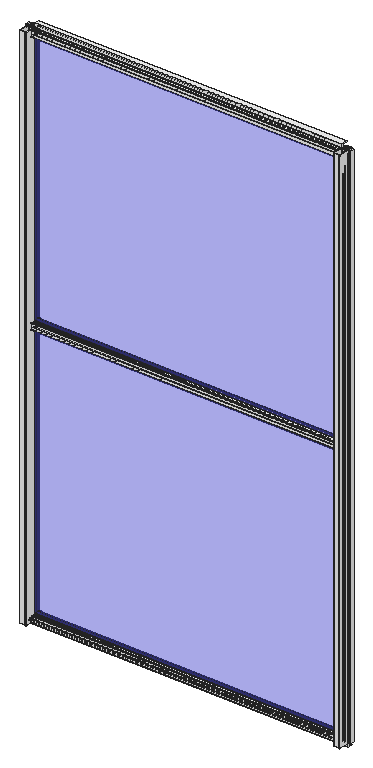
Revit family "Facade_60_Curtain_Wall_S12_Standard", category Windows, host Wall, Revit 2014 (continued)
Definition of nested family "F60 Horizontal Profile Middle_S12_Std"
  Forms (mm)
    Extrusion 5, solid, material <- "Thermal Break Material", visible <- "Single Glazing"
      sketch origin (0, 0, 0) x (0, 1, 0) y (0, 0, 1)
        loop
          line (-59.794, 28.506) -> (-59.006, 29.294)
          arc (-59.006, 29.294) -> (-58.788, 29.618) -> (-58.713, 30.001) r 0.986
          arc (-58.713, 30.001) -> (-58.79, 30.384) -> (-59.008, 30.71) r 1.007
          line (-59.008, 30.71) -> (-59.794, 31.496) -> (-60.65, 31.496)
          arc (-60.65, 31.496) -> (-61.004, 31.349) -> (-61.15, 30.996) r 0.5
          line (-61.15, 30.996) -> (-61.15, 29.006)
          arc (-61.15, 29.006) -> (-61.004, 28.652) -> (-60.65, 28.506) r 0.5
          line (-60.65, 28.506) -> (-59.794, 28.506)
        loop
          line (-47.854, 30.898) -> (-49.415, 31.653) -> (-56.782, 31.653)
          arc (-56.782, 31.653) -> (-57.207, 31.417) -> (-57.23, 30.932) r 0.5
          arc (-57.23, 30.932) -> (-57.013, 30.001) -> (-57.23, 29.07) r 2.099
          arc (-57.23, 29.07) -> (-57.207, 28.584) -> (-56.782, 28.348) r 0.5
          line (-56.782, 28.348) -> (-49.415, 28.348) -> (-48.055, 29.007)
          arc (-48.055, 29.007) -> (-47.35, 29.888) -> (-47.854, 30.898) r 1.047
      from 0 to 250 <- "Length"
    Extrusion 6, solid, material <- "Profile Material", visible <- "Single Glazing"
      sketch origin (0, 0, 0) x (0, 1, 0) y (0, 0, 1)
        loop
          line (-63.8, 52.694) -> (-64.8, 52.694) -> (-64.8, 51.544) -> (-66.05, 51.544) -> (-66.05, 57.044) -> (-64.8, 57.044) -> (-64.8, 55.894) -> (-63.8, 55.894) -> (-63.8, 58.294)
          arc (-63.8, 58.294) -> (-64.082, 58.803) -> (-64.664, 58.835) r 0.6
          line (-64.664, 58.835) -> (-66.562, 57.91) -> (-67.088, 58.988) -> (-68.05, 58.519) -> (-68.05, 48.513)
          arc (-68.05, 48.513) -> (-67.874, 48.089) -> (-67.45, 47.913) r 0.6
          line (-67.45, 47.913) -> (-66.6, 47.913) -> (-66.6, 12.09) -> (-67.45, 12.09)
          arc (-67.45, 12.09) -> (-67.874, 11.914) -> (-68.05, 11.49) r 0.6
          line (-68.05, 11.49) -> (-68.05, 1.485) -> (-67.088, 1.016) -> (-66.562, 2.095) -> (-64.663, 1.169)
          arc (-64.663, 1.169) -> (-64.082, 1.2) -> (-63.8, 1.709) r 0.6
          line (-63.8, 1.709) -> (-63.8, 4.109) -> (-64.8, 4.109) -> (-64.8, 2.959) -> (-66.05, 2.959) -> (-66.05, 8.459) -> (-64.8, 8.459) -> (-64.8, 7.309) -> (-63.8, 7.309) -> (-63.8, 27.674) -> (-62.4, 28.483) -> (-62.4, 31.521) -> (-63.8, 32.329) -> (-63.8, 52.694)
      from 0 to 250 <- "Length"
    Extrusion 7, solid, material <- "Profile Material", visible <- "Single Glazing"
      sketch origin (0, 0, 0) x (0, 1, 0) y (0, 0, 1)
        loop
          line (-68.551, 3.3) -> (-76.559, 3.3) -> (-76.559, 30) -> (-76.559, 56.15)
          arc (-76.559, 56.15) -> (-75.739, 58.13) -> (-73.759, 58.95) r 2.8
          line (-73.759, 58.95) -> (-69.151, 58.95) -> (-69.151, 57.2)
          arc (-69.151, 57.2) -> (-68.987, 56.829) -> (-68.601, 56.703) r 0.5
          arc (-68.601, 56.703) -> (-68.216, 56.829) -> (-68.051, 57.2) r 0.5
          line (-68.051, 57.2) -> (-68.051, 58.517) -> (-67.089, 58.986) -> (-66.563, 57.907) -> (-63.866, 59.222)
          arc (-63.866, 59.222) -> (-64.001, 59.762) -> (-64.504, 60) r 0.65
          line (-64.504, 60) -> (-73.859, 60)
          arc (-73.859, 60) -> (-76.687, 58.828) -> (-77.859, 56) r 4
          line (-77.859, 56) -> (-77.859, 30) -> (-77.859, 2.493)
          arc (-77.859, 2.493) -> (-77.197, 0.799) -> (-75.562, 0.002) r 2.5
          arc (-75.562, 0.002) -> (-75.182, 0.132) -> (-75.021, 0.5) r 0.5
          line (-75.021, 0.5) -> (-75.021, 2) -> (-69.151, 2) -> (-69.151, 0.5)
          arc (-69.151, 0.5) -> (-69.005, 0.146) -> (-68.651, 0) r 0.5
          line (-68.651, 0) -> (-64.504, 0)
          arc (-64.504, 0) -> (-64.001, 0.238) -> (-63.866, 0.778) r 0.65
          line (-63.866, 0.778) -> (-66.563, 2.093) -> (-67.089, 1.014) -> (-68.051, 1.483) -> (-68.051, 2.8)
          arc (-68.051, 2.8) -> (-68.198, 3.154) -> (-68.551, 3.3) r 0.5
      from 0 to 250 <- "Length"
    Extrusion 8, solid, material <- "Thermal Break Material", visible <- "Double Glazing"
      sketch origin (0, 0, 0) x (0, 1, 0) y (0, 0, 1)
        loop
          line (-77.8, 27.673) -> (-77.8, 25.751)
          arc (-77.8, 25.751) -> (-77.654, 25.397) -> (-77.3, 25.251) r 0.5
          line (-77.3, 25.251) -> (-59.8, 25.251)
          arc (-59.8, 25.251) -> (-59.446, 25.397) -> (-59.3, 25.751) r 0.5
          line (-59.3, 25.751) -> (-59.3, 27.647) -> (-49.599, 27.647) -> (-47.528, 28.649)
          arc (-47.528, 28.649) -> (-46.803, 29.999) -> (-47.528, 31.349) r 1.62
          line (-47.528, 31.349) -> (-49.602, 32.353) -> (-59.3, 32.353) -> (-59.3, 34.251)
          arc (-59.3, 34.251) -> (-59.446, 34.604) -> (-59.8, 34.751) r 0.5
          line (-59.8, 34.751) -> (-77.3, 34.751)
          arc (-77.3, 34.751) -> (-77.654, 34.604) -> (-77.8, 34.251) r 0.5
          line (-77.8, 34.251) -> (-77.8, 32.327) -> (-76.4, 31.52) -> (-76.4, 28.482) -> (-77.8, 27.673)
        loop
          line (-59.006, 30.708) -> (-61.156, 32.858)
          arc (-61.156, 32.858) -> (-61.48, 33.074) -> (-61.863, 33.151) r 1
          line (-61.863, 33.151) -> (-73.8, 33.151)
          arc (-73.8, 33.151) -> (-74.507, 32.858) -> (-74.8, 32.151) r 1
          line (-74.8, 32.151) -> (-74.8, 27.851)
          arc (-74.8, 27.851) -> (-74.507, 27.144) -> (-73.8, 26.851) r 1
          line (-73.8, 26.851) -> (-61.863, 26.851)
          arc (-61.863, 26.851) -> (-61.48, 26.927) -> (-61.156, 27.144) r 1
          line (-61.156, 27.144) -> (-59.006, 29.294)
          arc (-59.006, 29.294) -> (-58.788, 29.618) -> (-58.713, 30.001) r 0.986
          arc (-58.713, 30.001) -> (-58.79, 30.383) -> (-59.006, 30.708) r 1.007
        loop
          line (-56.782, 28.347) -> (-49.415, 28.347) -> (-48.055, 29.005)
          arc (-48.055, 29.005) -> (-47.35, 29.887) -> (-47.854, 30.896) r 1.047
          line (-47.854, 30.896) -> (-49.415, 31.652) -> (-56.782, 31.652)
          arc (-56.782, 31.652) -> (-57.207, 31.416) -> (-57.23, 30.93) r 0.5
          arc (-57.23, 30.93) -> (-57.013, 29.999) -> (-57.23, 29.068) r 2.099
          arc (-57.23, 29.068) -> (-57.207, 28.583) -> (-56.782, 28.347) r 0.5
      from 0 to 250 <- "Length"
    Extrusion 9, solid, material <- "Profile Material", visible <- "Double Glazing"
      sketch origin (0, 0, 0) x (0, 1, 0) y (0, 0, 1)
        loop
          line (-77.8, 52.694) -> (-78.8, 52.694) -> (-78.8, 51.544) -> (-80.05, 51.544) -> (-80.05, 57.044) -> (-78.8, 57.044) -> (-78.8, 55.894) -> (-77.8, 55.894) -> (-77.8, 58.294)
          arc (-77.8, 58.294) -> (-78.082, 58.802) -> (-78.664, 58.834) r 0.6
          line (-78.664, 58.834) -> (-80.562, 57.909) -> (-81.088, 58.988) -> (-82.05, 58.518) -> (-82.05, 48.512)
          arc (-82.05, 48.512) -> (-81.874, 48.088) -> (-81.45, 47.912) r 0.6
          line (-81.45, 47.912) -> (-80.6, 47.912) -> (-80.6, 12.089) -> (-81.45, 12.089)
          arc (-81.45, 12.089) -> (-81.874, 11.913) -> (-82.05, 11.489) r 0.6
          line (-82.05, 11.489) -> (-82.05, 1.484) -> (-81.088, 1.015) -> (-80.562, 2.094) -> (-78.663, 1.169)
          arc (-78.663, 1.169) -> (-78.082, 1.199) -> (-77.8, 1.708) r 0.6
          line (-77.8, 1.708) -> (-77.8, 4.108) -> (-78.8, 4.108) -> (-78.8, 2.958) -> (-80.05, 2.958) -> (-80.05, 8.458) -> (-78.8, 8.458) -> (-78.8, 7.308) -> (-77.8, 7.308) -> (-77.8, 27.673) -> (-76.4, 28.482) -> (-76.4, 31.52) -> (-77.8, 32.328) -> (-77.8, 52.694)
      from 0 to 250 <- "Length"
    Extrusion 10, solid, material <- "Profile Material", visible <- "Double Glazing"
      sketch origin (0, 0, 0) x (0, 1, 0) y (0, 0, 1)
        loop
          line (-82.551, 3.3) -> (-90.558, 3.3) -> (-90.558, 30) -> (-90.558, 56.15)
          arc (-90.558, 56.15) -> (-89.738, 58.13) -> (-87.758, 58.95) r 2.8
          line (-87.758, 58.95) -> (-83.151, 58.95) -> (-83.151, 57.2)
          arc (-83.151, 57.2) -> (-82.986, 56.829) -> (-82.601, 56.703) r 0.5
          arc (-82.601, 56.703) -> (-82.215, 56.829) -> (-82.051, 57.2) r 0.5
          line (-82.051, 57.2) -> (-82.051, 58.517) -> (-81.088, 58.986) -> (-80.563, 57.907) -> (-77.866, 59.222)
          arc (-77.866, 59.222) -> (-78, 59.762) -> (-78.503, 60) r 0.65
          line (-78.503, 60) -> (-87.858, 60)
          arc (-87.858, 60) -> (-90.687, 58.828) -> (-91.858, 56) r 4
          line (-91.858, 56) -> (-91.858, 30) -> (-91.858, 2.493)
          arc (-91.858, 2.493) -> (-91.196, 0.799) -> (-89.561, 0.002) r 2.5
          arc (-89.561, 0.002) -> (-89.182, 0.132) -> (-89.021, 0.5) r 0.5
          line (-89.021, 0.5) -> (-89.021, 2) -> (-83.151, 2) -> (-83.151, 0.5)
          arc (-83.151, 0.5) -> (-83.004, 0.146) -> (-82.651, 0) r 0.5
          line (-82.651, 0) -> (-78.503, 0)
          arc (-78.503, 0) -> (-78, 0.238) -> (-77.866, 0.778) r 0.65
          line (-77.866, 0.778) -> (-80.563, 2.093) -> (-81.088, 1.014) -> (-82.051, 1.483) -> (-82.051, 2.8)
          arc (-82.051, 2.8) -> (-82.197, 3.154) -> (-82.551, 3.3) r 0.5
      from 0 to 250 <- "Length"
  Dimensions and locks
    aligned and locked: level to plane 2
Types (49, lengths in mm): name | Windload Design | Width | Vertical Profile Length | Overall Width | Overall Height | Mid Transom Bottom Gap | Max Pane Area | Sill Length | Length Sill | Intruderprufe U Value | Intruderprufe SHGC Value | Intruderprufe LowE U Value | Intruderprufe LowE SHGC Value | Intruderprufe Insulated U Value | Intruderprufe Insulated SHGC Value | Intruderprufe Insulated LowE U Value | Intruderprufe Insulated LowE SHGC Value | Horizontal Profile Length | Glazing Width | Glazing Height | Glazing Gap SG | Glazing Gap DG | DG Thickness Calc | DG Thickness | Height | SG Thickness | Custom Curtain Wall Width | Custom Curtain Wall Height | Custom Windload
  (no name) | 1000 | 2990 | 4960 | 2990 | 4990 | 2480 | 7.07344 m² | 2990 | 2990 | 5.76 | 0.744 | 3.99 | 0.651 | 2.91 | 0.639 | 0.22 | 0.576 | 2870 | 2910.4 | 2430.4 | 2 | 2 | 10 | 6 | 4990 | 10 | 2990 | 4990 | 1000
  F60-S12-0925-1000Pa | 1000 | 890 | 2460 | 1000 | 3000 | 1230 | 0.956596 m² | 890 | 890 | 5.75 | 0.646 | 4.51 | 0.567 | 3.27 | 0.558 | 2.7 | 0.503 | 770 | 810.4 | 1180.4 | 5 | 4 | 4 | 4 | 2490 | 4 | 890 | 2490 | 1000
  F60-S12-0925-1500Pa | 1500 | 890 | 2460 | 1000 | 3000 | 1230 | 0.956596 m² | 890 | 890 | 5.75 | 0.646 | 4.51 | 0.567 | 3.27 | 0.558 | 2.7 | 0.503 | 770 | 810.4 | 1180.4 | 5 | 4 | 4 | 4 | 2490 | 4 | 890 | 2490 | 1500
  F60-S12-0925-2000Pa | 2000 | 890 | 2460 | 1000 | 3000 | 1230 | 0.956596 m² | 890 | 890 | 5.75 | 0.646 | 4.51 | 0.567 | 3.27 | 0.558 | 2.7 | 0.503 | 770 | 810.4 | 1180.4 | 5 | 4 | 4 | 4 | 2490 | 4 | 890 | 2490 | 2000
  F60-S12-1225-1000Pa | 1000 | 1190 | 2460 | 1000 | 3000 | 1230 | 1.31072 m² | 1190 | 1190 | 5.76 | 0.67 | 4.4 | 0.587 | 3.19 | 0.578 | 2.58 | 0.521 | 1070 | 1110.4 | 1180.4 | 5 | 4 | 4 | 4 | 2490 | 4 | 1190 | 2490 | 1000
  F60-S12-1225-1500Pa | 1500 | 1190 | 2460 | 1000 | 3000 | 1230 | 1.31072 m² | 1190 | 1190 | 5.76 | 0.67 | 4.4 | 0.587 | 3.19 | 0.578 | 2.58 | 0.521 | 1070 | 1110.4 | 1180.4 | 5 | 4 | 4 | 4 | 2490 | 4 | 1190 | 2490 | 1500
  F60-S12-1225-2000Pa | 2000 | 1190 | 2460 | 1000 | 3000 | 1230 | 1.31072 m² | 1190 | 1190 | 5.76 | 0.67 | 4.4 | 0.587 | 3.19 | 0.578 | 2.58 | 0.521 | 1070 | 1110.4 | 1180.4 | 5 | 4 | 4 | 4 | 2490 | 4 | 1190 | 2490 | 2000
  F60-S12-1525-1000Pa | 1000 | 1490 | 2460 | 1000 | 3000 | 1230 | 1.66484 m² | 1490 | 1490 | 5.76 | 0.684 | 4.33 | 0.6 | 3.14 | 0.59 | 2.51 | 0.532 | 1370 | 1410.4 | 1180.4 | 4.5 | 4 | 4 | 4 | 2490 | 5 | 1490 | 2490 | 1000
  F60-S12-1525-1500Pa | 1500 | 1490 | 2460 | 1000 | 3000 | 1230 | 1.66484 m² | 1490 | 1490 | 5.76 | 0.684 | 4.33 | 0.6 | 3.14 | 0.59 | 2.51 | 0.532 | 1370 | 1410.4 | 1180.4 | 4.5 | 4 | 4 | 4 | 2490 | 5 | 1490 | 2490 | 1500
  F60-S12-1525-2000Pa | 2000 | 1490 | 2460 | 1000 | 3000 | 1230 | 1.66484 m² | 1490 | 1490 | 5.76 | 0.684 | 4.33 | 0.6 | 3.14 | 0.59 | 2.51 | 0.532 | 1370 | 1410.4 | 1180.4 | 4.5 | 4 | 4 | 4 | 2490 | 5 | 1490 | 2490 | 2000
  F60-S12-1825-1000Pa | 1000 | 1790 | 2460 | 1000 | 3000 | 1230 | 2.01896 m² | 1790 | 1790 | 5.77 | 0.694 | 4.28 | 0.608 | 3.11 | 0.598 | 2.47 | 0.539 | 1670 | 1710.4 | 1180.4 | 4.5 | 4 | 4 | 4 | 2490 | 5 | 1790 | 2490 | 1000
  F60-S12-1825-1500Pa | 1500 | 1790 | 2460 | 1000 | 3000 | 1230 | 2.01896 m² | 1790 | 1790 | 5.77 | 0.694 | 4.28 | 0.608 | 3.11 | 0.598 | 2.47 | 0.539 | 1670 | 1710.4 | 1180.4 | 4.5 | 4 | 4 | 4 | 2490 | 5 | 1790 | 2490 | 1500
  F60-S12-1825-2000Pa | 2000 | 1790 | 2460 | 1000 | 3000 | 1230 | 2.01896 m² | 1790 | 1790 | 5.77 | 0.694 | 4.28 | 0.608 | 3.11 | 0.598 | 2.47 | 0.539 | 1670 | 1710.4 | 1180.4 | 4.5 | 4 | 4 | 4 | 2490 | 5 | 1790 | 2490 | 2000
  F60-S12-2125-1000Pa | 1000 | 2090 | 2460 | 1000 | 3000 | 1230 | 2.37308 m² | 2090 | 2090 | 5.77 | 0.7 | 4.25 | 0.614 | 3.08 | 0.603 | 2.44 | 0.544 | 1970 | 2010.4 | 1180.4 | 3.8 | 3 | 5 | 5 | 2490 | 6.4 | 2090 | 2490 | 1000
  F60-S12-2125-1500Pa | 1500 | 2090 | 2460 | 1000 | 3000 | 1230 | 2.37308 m² | 2090 | 2090 | 5.77 | 0.7 | 4.25 | 0.614 | 3.08 | 0.603 | 2.44 | 0.544 | 1970 | 2010.4 | 1180.4 | 3.8 | 3 | 5 | 5 | 2490 | 6.4 | 2090 | 2490 | 1500
  F60-S12-2125-2000Pa | 2000 | 2090 | 2460 | 1000 | 3000 | 1230 | 2.37308 m² | 2090 | 2090 | 5.77 | 0.7 | 4.25 | 0.614 | 3.08 | 0.603 | 2.44 | 0.544 | 1970 | 2010.4 | 1180.4 | 3.8 | 3 | 5 | 5 | 2490 | 6.4 | 2090 | 2490 | 2000
  F60-S12-2425-1000Pa | 1000 | 2390 | 2460 | 1000 | 3000 | 1230 | 2.7272 m² | 2390 | 2390 | 5.77 | 0.706 | 4.23 | 0.618 | 3.07 | 0.607 | 2.41 | 0.547 | 2270 | 2310.4 | 1180.4 | 3.8 | 3 | 5 | 5 | 2490 | 6.4 | 2390 | 2490 | 1000
  F60-S12-2425-1500Pa | 1500 | 2390 | 2460 | 1000 | 3000 | 1230 | 2.7272 m² | 2390 | 2390 | 5.77 | 0.706 | 4.23 | 0.618 | 3.07 | 0.607 | 2.41 | 0.547 | 2270 | 2310.4 | 1180.4 | 3.8 | 3 | 5 | 5 | 2490 | 6.4 | 2390 | 2490 | 1500
  F60-S12-2425-2000Pa | 2000 | 2390 | 2460 | 1000 | 3000 | 1230 | 2.7272 m² | 2390 | 2390 | 5.77 | 0.706 | 4.23 | 0.618 | 3.07 | 0.607 | 2.41 | 0.547 | 2270 | 2310.4 | 1180.4 | 3.8 | 3 | 5 | 5 | 2490 | 6.4 | 2390 | 2490 | 2000
  F60-S12-2725-1000Pa | 1000 | 2690 | 2460 | 1000 | 3000 | 1230 | 3.08132 m² | 2690 | 2690 | 5.77 | 0.7063 | 4.23 | 0.618 | 3.07 | 0.607 | 2.41 | 0.547 | 2570 | 2610.4 | 1180.4 | 3 | 3 | 5 | 5 | 2490 | 8 | 2690 | 2490 | 1000
  F60-S12-2725-1500Pa | 1500 | 2690 | 2460 | 1000 | 3000 | 1230 | 3.08132 m² | 2690 | 2690 | 5.77 | 0.7063 | 4.23 | 0.618 | 3.07 | 0.607 | 2.41 | 0.547 | 2570 | 2610.4 | 1180.4 | 3 | 3 | 5 | 5 | 2490 | 8 | 2690 | 2490 | 1500
  F60-S12-2725-2000Pa | 2000 | 2690 | 2460 | 1000 | 3000 | 1230 | 3.08132 m² | 2690 | 2690 | 5.77 | 0.7063 | 4.23 | 0.618 | 3.07 | 0.607 | 2.41 | 0.547 | 2570 | 2610.4 | 1180.4 | 3 | 3 | 5 | 5 | 2490 | 8 | 2690 | 2490 | 2000
  F60-S12-3025-1000Pa | 1000 | 2990 | 2460 | 1000 | 3000 | 1230 | 3.43544 m² | 2990 | 2990 | 5.77 | 0.713 | 4.2 | 0.624 | 3.04 | 0.613 | 2.38 | 0.553 | 2870 | 2910.4 | 1180.4 | 3 | 2 | 6 | 6 | 2490 | 8 | 2990 | 2490 | 1000
  F60-S12-3025-1500Pa | 1500 | 2990 | 2460 | 1000 | 3000 | 1230 | 3.43544 m² | 2990 | 2990 | 5.77 | 0.713 | 4.2 | 0.624 | 3.04 | 0.613 | 2.38 | 0.553 | 2870 | 2910.4 | 1180.4 | 3 | 2 | 6 | 6 | 2490 | 8 | 2990 | 2490 | 1500
  F60-S12-3025-2000Pa | 2000 | 2990 | 2460 | 2990 | 2490 | 1230 | 3.43544 m² | 2990 | 2990 | 5.77 | 0.713 | 4.2 | 0.624 | 3.04 | 0.613 | 2.38 | 0.553 | 2870 | 2910.4 | 1180.4 | 3 | 2 | 6 | 6 | 2490 | 8 | 2990 | 2490 | 2000
  F60-S12-0950-1000Pa | 1000 | 890 | 4960 | 1000 | 3000 | 2480 | 1.9696 m² | 890 | 890 | 5.73 | 0.674 | 4.35 | 0.591 | 3.16 | 0.581 | 2.55 | 0.524 | 770 | 810.4 | 2430.4 | 4.5 | 4 | 4 | 4 | 4990 | 5 | 890 | 4990 | 1000
  F60-S12-0950-1500Pa | 1500 | 890 | 4960 | 1000 | 3000 | 2480 | 1.9696 m² | 890 | 890 | 5.73 | 0.674 | 4.35 | 0.591 | 3.16 | 0.581 | 2.55 | 0.524 | 770 | 810.4 | 2430.4 | 4.5 | 4 | 4 | 4 | 4990 | 5 | 890 | 4990 | 1500
  F60-S12-0950-2000Pa | 2000 | 890 | 4960 | 1000 | 3000 | 2480 | 1.9696 m² | 890 | 890 | 5.73 | 0.674 | 4.35 | 0.591 | 3.16 | 0.581 | 2.55 | 0.524 | 770 | 810.4 | 2430.4 | 4.5 | 4 | 4 | 4 | 4990 | 5 | 890 | 4990 | 2000
  F60-S12-1250-1000Pa | 1000 | 1190 | 4960 | 1000 | 3000 | 2480 | 2.69872 m² | 1190 | 1190 | 5.74 | 0.699 | 4.22 | 0.613 | 3.07 | 0.602 | 2.42 | 0.543 | 1070 | 1110.4 | 2430.4 | 3.8 | 3 | 5 | 5 | 4990 | 6.4 | 1190 | 4990 | 1000
  F60-S12-1250-1500Pa | 1500 | 1190 | 4960 | 1000 | 3000 | 2480 | 2.69872 m² | 1190 | 1190 | 5.74 | 0.699 | 4.22 | 0.613 | 3.07 | 0.602 | 2.42 | 0.543 | 1070 | 1110.4 | 2430.4 | 3.8 | 3 | 5 | 5 | 4990 | 6.4 | 1190 | 4990 | 1500
  F60-S12-1250-2000Pa | 2000 | 1190 | 4960 | 1000 | 3000 | 2480 | 2.69872 m² | 1190 | 1190 | 5.74 | 0.699 | 4.22 | 0.613 | 3.07 | 0.602 | 2.42 | 0.543 | 1070 | 1110.4 | 2430.4 | 3.8 | 3 | 5 | 5 | 4990 | 6.4 | 1190 | 4990 | 2000
  F60-S12-1550-1000Pa | 1000 | 1490 | 4960 | 1000 | 3000 | 2480 | 3.42784 m² | 1490 | 1490 | 5.74 | 0.714 | 4.14 | 0.626 | 6.02 | 0.615 | 2.35 | 0.554 | 1370 | 1410.4 | 2430.4 | 3 | 2 | 6 | 6 | 4990 | 8 | 1490 | 4990 | 1000
  F60-S12-1550-1500Pa | 1500 | 1490 | 4960 | 1000 | 3000 | 2480 | 3.42784 m² | 1490 | 1490 | 5.74 | 0.714 | 4.14 | 0.626 | 6.02 | 0.615 | 2.35 | 0.554 | 1370 | 1410.4 | 2430.4 | 3 | 2 | 6 | 6 | 4990 | 8 | 1490 | 4990 | 1500
  F60-S12-1550-2000Pa | 2000 | 1490 | 4960 | 1000 | 3000 | 2480 | 3.42784 m² | 1490 | 1490 | 5.74 | 0.714 | 4.14 | 0.626 | 6.02 | 0.615 | 2.35 | 0.554 | 1370 | 1410.4 | 2430.4 | 3 | 2 | 6 | 6 | 4990 | 8 | 1490 | 4990 | 2000
  F60-S12-1850-1000Pa | 1000 | 1790 | 4960 | 1000 | 3000 | 2480 | 4.15696 m² | 1790 | 1790 | 5.758 | 0.724 | 4.09 | 0.634 | 2.98 | 0.623 | 2.3 | 0.561 | 1670 | 1710.4 | 2430.4 | 3 | 2 | 6 | 6 | 4990 | 8 | 1790 | 4990 | 1000
  F60-S12-1850-1500Pa | 1500 | 1790 | 4960 | 1000 | 3000 | 2480 | 4.15696 m² | 1790 | 1790 | 5.758 | 0.724 | 4.09 | 0.634 | 2.98 | 0.623 | 2.3 | 0.561 | 1670 | 1710.4 | 2430.4 | 3 | 2 | 6 | 6 | 4990 | 8 | 1790 | 4990 | 1500
  F60-S12-1850-2000Pa | 2000 | 1790 | 4960 | 1000 | 3000 | 2480 | 4.15696 m² | 1790 | 1790 | 5.758 | 0.724 | 4.09 | 0.634 | 2.98 | 0.623 | 2.3 | 0.561 | 1670 | 1710.4 | 2430.4 | 3 | 2 | 6 | 6 | 4990 | 8 | 1790 | 4990 | 2000
  F60-S12-2150-1000Pa | 1000 | 2090 | 4960 | 1000 | 3000 | 2480 | 4.88608 m² | 2090 | 2090 | 5.75 | 0.731 | 4.06 | 0.64 | 2.96 | 0.629 | 2.27 | 0.567 | 1970 | 2010.4 | 2430.4 | 2 | 2 | 8 | 6 | 4990 | 10 | 2090 | 4990 | 1000
  F60-S12-2150-1500Pa | 1500 | 2090 | 4960 | 1000 | 3000 | 2480 | 4.88608 m² | 2090 | 2090 | 5.75 | 0.731 | 4.06 | 0.64 | 2.96 | 0.629 | 2.27 | 0.567 | 1970 | 2010.4 | 2430.4 | 2 | 2 | 8 | 6 | 4990 | 10 | 2090 | 4990 | 1500
  F60-S12-2150-2000Pa | 2000 | 2090 | 4960 | 1000 | 3000 | 2480 | 4.88608 m² | 2090 | 2090 | 5.75 | 0.731 | 4.06 | 0.64 | 2.96 | 0.629 | 2.27 | 0.567 | 1970 | 2010.4 | 2430.4 | 2 | 2 | 8 | 6 | 4990 | 10 | 2090 | 4990 | 2000
  F60-S12-2450-1000Pa | 1000 | 2390 | 4960 | 1000 | 3000 | 2480 | 5.6152 m² | 2390 | 2390 | 5.75 | 0.737 | 4.03 | 0.645 | 2.94 | 0.633 | 2.24 | 0.57 | 2270 | 2310.4 | 2430.4 | 2 | 2 | 8 | 6 | 4990 | 10 | 2390 | 4990 | 1000
  F60-S12-2450-1500Pa | 1500 | 2390 | 4960 | 1000 | 3000 | 2480 | 5.6152 m² | 2390 | 2390 | 5.75 | 0.737 | 4.03 | 0.645 | 2.94 | 0.633 | 2.24 | 0.57 | 2270 | 2310.4 | 2430.4 | 2 | 2 | 8 | 6 | 4990 | 10 | 2390 | 4990 | 1500
  F60-S12-2450-2000Pa | 2000 | 2390 | 4960 | 1000 | 3000 | 2480 | 5.6152 m² | 2390 | 2390 | 5.75 | 0.737 | 4.03 | 0.645 | 2.94 | 0.633 | 2.24 | 0.57 | 2270 | 2310.4 | 2430.4 | 2 | 2 | 8 | 6 | 4990 | 10 | 2390 | 4990 | 2000
  F60-S12-2750-1000Pa | 1000 | 2690 | 4960 | 1000 | 3000 | 2480 | 6.34432 m² | 2690 | 2690 | 5.75 | 0.737 | 4.03 | 0.645 | 2.94 | 0.633 | 2.24 | 0.57 | 2570 | 2610.4 | 2430.4 | 2 | 2 | 8 | 6 | 4990 | 10 | 2690 | 4990 | 1000
  F60-S12-2750-1500Pa | 1500 | 2690 | 4960 | 1000 | 3000 | 2480 | 6.34432 m² | 2690 | 2690 | 5.75 | 0.737 | 4.03 | 0.645 | 2.94 | 0.633 | 2.24 | 0.57 | 2570 | 2610.4 | 2430.4 | 2 | 2 | 8 | 6 | 4990 | 10 | 2690 | 4990 | 1500
  F60-S12-2750-2000Pa | 2000 | 2690 | 4960 | 1000 | 3000 | 2480 | 6.34432 m² | 2690 | 2690 | 5.75 | 0.737 | 4.03 | 0.645 | 2.94 | 0.633 | 2.24 | 0.57 | 2570 | 2610.4 | 2430.4 | 2 | 2 | 8 | 6 | 4990 | 10 | 2690 | 4990 | 2000
  F60-S12-3050-1000Pa | 1000 | 2990 | 4960 | 1000 | 3000 | 2480 | 7.07344 m² | 2990 | 2990 | 5.76 | 0.744 | 3.99 | 0.651 | 2.91 | 0.639 | 0.22 | 0.576 | 2870 | 2910.4 | 2430.4 | 2 | 2 | 10 | 6 | 4990 | 10 | 2990 | 4990 | 1000
  F60-S12-3050-1500Pa | 1000 | 2990 | 4960 | 1000 | 3000 | 2480 | 7.07344 m² | 2990 | 2990 | 5.76 | 0.744 | 3.99 | 0.651 | 2.91 | 0.639 | 0.22 | 0.576 | 2870 | 2910.4 | 2430.4 | 2 | 2 | 10 | 6 | 4990 | 10 | 2990 | 4990 | 1000
  F60-S12-3050-2000Pa | 1000 | 2990 | 4960 | 2990 | 4990 | 2480 | 7.07344 m² | 2990 | 2990 | 5.76 | 0.744 | 3.99 | 0.651 | 2.91 | 0.639 | 0.22 | 0.576 | 2870 | 2910.4 | 2430.4 | 2 | 2 | 10 | 6 | 4990 | 10 | 2990 | 4990 | 1000
